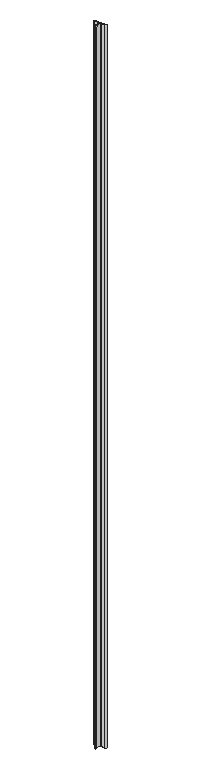
Revit family "2L-기둥", category 구조 기둥, Revit 2026
Family settings
  단면 모양 = 정의되지 않음
  모델 동작 재료 = 스틸
  항상 형상으로 내보내기 = 아니오
  평면의 보 전환 = 경계 상자에서
  로드될 때 보이드를 사용하여 절단 = 아니오
  기호 표현 = 프로젝트 설정에서
  공유 = 아니오
  평면도에서 미리 절단된 패밀리 표시 = 예
Parameters (values of type "2C 75x40x5/7")
  Structural Material [instance] = 금속 - 스틸 - 345 MPa
  y = 7.2 mm
  공간 = 0 mm
  A = 285.40 mm²
  조합 코드 = "B10"
  W = 0.022
  b = 25 mm
  d = 25 mm
  t = 3 mm
  k = 6 mm
  R1 = t * 2  # 6 mm
Reference planes
  plane 1: y = 0
  plane 2: z = 0
  plane 3: x = 0
  plane 4: y = 7.2
  plane 5: y = -17.8
  plane 6: x = 0
  plane 7: x = 0
  plane 8: x = -25
  plane 9: x = 25
  plane 10: x = -22
  plane 11: y = -14.8
  plane 12: x = 22
  plane 13: x = -6
  plane 14: x = 6
  plane 15: y = 1.2
Forms (mm)
  Extrusion 1, solid, material "금속 - 스틸 - 345 MPa" <- "Structural Material", detail levels medium
    sketch origin (0, 0, 0) x (1, 0, 0) y (0, 1, 0)
      loop
        line (-25, 7.2) -> (-25, 4.2) -> (-3, 4.2) -> (-3, -17.8) -> (0, -17.8) -> (0, 7.2) -> (-25, 7.2)
    from 0 to 2700
  Extrusion 2, solid, material "금속 - 스틸 - 345 MPa" <- "Structural Material", detail levels medium
    sketch origin (0, 0, 0) x (-1, 0, 0) y (0, -1, 0)
      loop
        line (-25, -7.2) -> (0, -7.2) -> (0, 17.8) -> (-3, 17.8) -> (-3, -4.2) -> (-25, -4.2) -> (-25, -7.2)
    from 0 to 2700
  Extrusion 3, solid, material "금속 - 스틸 - 345 MPa" <- "Structural Material", detail levels fine
    sketch origin (0, 0, 0) x (1, 0, 0) y (0, 1, 0)
      loop
        arc (-25, 7.2) -> (-24.121, 5.079) -> (-22, 4.2) r 3
        line (-22, 4.2) -> (-6, 4.2)
        arc (-6, 4.2) -> (-3.879, 3.321) -> (-3, 1.2) r 3
        line (-3, 1.2) -> (-3, -14.8)
        arc (-3, -14.8) -> (-2.121, -16.921) -> (0, -17.8) r 3
        line (0, -17.8) -> (0, 7.2) -> (-25, 7.2)
    from 0 to 2700
  Extrusion 4, solid, material "금속 - 스틸 - 345 MPa" <- "Structural Material", detail levels fine
    sketch origin (0, 0, 0) x (-1, 0, 0) y (0, -1, 0)
      loop
        line (-25, -7.2) -> (0, -7.2) -> (0, 17.8)
        arc (0, 17.8) -> (-2.121, 16.921) -> (-3, 14.8) r 3
        line (-3, 14.8) -> (-3, -1.2)
        arc (-3, -1.2) -> (-3.879, -3.321) -> (-6, -4.2) r 3
        line (-6, -4.2) -> (-22, -4.2)
        arc (-22, -4.2) -> (-24.121, -5.079) -> (-25, -7.2) r 3
    from 0 to 2700
Lines and regions (mm)
  symbolic lines, style "숨겨진 면", detail levels medium+fine
    curve 1: line (-3, 0, 0) -> (-3, 0, 2700)
    curve 2: line (3, 0, 2700) -> (3, 0, 0)
  symbolic lines, style "StructuralColumnStickSymbols", detail levels coarse
    curve 3: line (-25, 7.2, 0) -> (0, 7.2, 0)
    curve 4: line (0, 7.2, 0) -> (0, -17.8, 0)
    curve 5: line (25, 7.2, 0) -> (0, 7.2, 0)
    curve 6: line (0, 7.2, 0) -> (0, -17.8, 0)
Dimensions and locks
  "y": plane 1 to plane 4
  "d": plane 5 to plane 4
  equal spacing: plane 7, plane 3, plane 6
  "공간": plane 7 to plane 6
  "b": plane 8 to plane 7
  "b": plane 6 to plane 9
  "t": Extrusion 1 sketch curve to plane 4
  "t": Extrusion 1 sketch curve to plane 7
  "t": plane 6 to Extrusion 2 sketch curve
  "t": plane 4 to Extrusion 2 sketch curve
  "t": plane 8 to plane 10
  "t": plane 12 to plane 9
  "t": plane 5 to plane 11
  "R1": plane 13 to plane 7
  "R1": plane 6 to plane 14
  "R1": plane 15 to plane 4
  "t": radius of Extrusion 3 sketch curve  (x3)
  "t": radius of Extrusion 4 sketch curve  (x3)
  aligned and locked: level to plane 2
  aligned and locked: level to curve 2  (x2)
  aligned and locked: level to curve 1  (x2)
  aligned and locked: plane 4 to Extrusion 1 sketch curve
  aligned and locked: plane 7 to Extrusion 1 sketch curve
  aligned and locked: plane 8 to Extrusion 1 sketch curve
  aligned and locked: plane 5 to Extrusion 1 sketch curve  (x2)
  aligned and locked: Extrusion 2 to plane 4
  aligned and locked: Extrusion 2 to plane 6
  aligned and locked: plane 5 to Extrusion 2
  aligned and locked: plane 9 to Extrusion 2
  aligned and locked: Extrusion 1 to level
  aligned and locked: level to Extrusion 1
  aligned and locked: plane 4 to Extrusion 3 sketch curve  (x2)
  aligned and locked: plane 7 to Extrusion 3 sketch curve  (x2)
  aligned and locked: plane 10 to Extrusion 3 sketch curve
  aligned and locked: plane 11 to Extrusion 3 sketch curve
  aligned and locked: plane 15 to Extrusion 3 sketch curve
  aligned and locked: plane 13 to Extrusion 3 sketch curve
  aligned and locked: plane 6 to Extrusion 4 sketch curve
  aligned and locked: plane 11 to Extrusion 4 sketch curve
  aligned and locked: plane 15 to Extrusion 4 sketch curve
  aligned and locked: plane 14 to Extrusion 4 sketch curve
  aligned and locked: plane 12 to Extrusion 4 sketch curve
  aligned and locked: plane 4 to Extrusion 4 sketch curve
  aligned and locked: Extrusion 4 sketch curve to plane 4
  aligned and locked: Extrusion 4 sketch curve to plane 6
  aligned and locked: plane 8 to curve 3
  aligned and locked: plane 7 to curve 4
  aligned and locked: plane 4 to curve 3
  aligned and locked: plane 5 to curve 4
  aligned and locked: Extrusion 1 to plane 7
  aligned and locked: curve 5 to plane 4
  aligned and locked: plane 5 to curve 6
  aligned and locked: plane 9 to curve 5
  aligned and locked: Extrusion 3 to level
  aligned and locked: Extrusion 2 to level
  aligned and locked: level to Extrusion 3
  aligned and locked: level to Extrusion 2
  aligned and locked: Extrusion 4 to level
  aligned and locked: level to Extrusion 4
  aligned and locked: curve 1 to Extrusion 1
  aligned and locked: curve 2 to Extrusion 2
Automatic sketch dimensions
  Extrusion 2 sketch curve to plane 9 = 0 mm
  Extrusion 2 sketch curve to plane 4 = 0 mm
  Extrusion 2 sketch curve to plane 6 = 0 mm
  Extrusion 2 sketch curve to plane 5 = 0 mm
